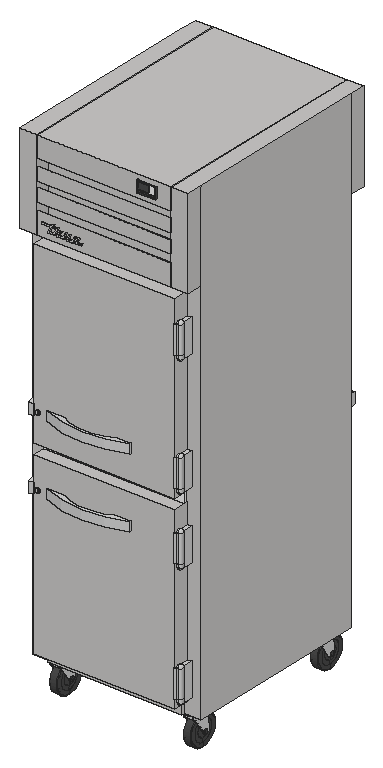
Revit family "QF_TRUE_STG1RPT-2HS-1S-HC", category Specialty Equipment, Revit 2012
Parameters
  Weight in Pounds [instance] = 0
  Watts = Volts * FL Amps  # 437 W
  Volts = 115 V
  URL Manufacturer = "www.truemfg.com"
  URL Cutsheet = "www.truemfg.com"
  URL = "www.truemfg.com"
  Type Comments = "www.truemfg.com"
  Status [instance] = ""
  Specification by User [instance] = ""
  Specification by Manufacturer = ""
  Show Seismic Flanged [instance] = no
  Show Logo [instance] = yes
  Show Legs [instance] = no
  Show Clearance [instance] = yes
  Serial Number = ""
  Seismic Rating = ""
  Seismic Plate [instance] = and(Show Seismic Flanged, not(Show Casters))  # no
  SMACNA No = ""
  Revision Code [instance] = ""
  Phase = 1
  Omniclass Number and Title = ""
  Number of Poles [instance] = 1
  NAFEM Spec ID Number = ""
  Model = "STG1RPT-2HS-1S-HC"
  Min Ckt Ampacity = 0 A
  Max Overcurrent Protection = 0 A
  Masterspec = ""
  Manufacturer = "TRUE FOOD SERVICE EQUIPMENT, INC."
  Length = 27 1/2"
  Legs [instance] = or(Show Legs, Show Seismic Flanged)  # no
  Item Number [instance] = ""
  Installed By [instance] = ""
  Identify Quantity as Lot [instance] = yes
  Height = 77 3/4"
  HP = "1/4"
  Furnished By [instance] = ""
  Foodservice Equipment Identifier [instance] = yes
  FL Amps = 3.8 A
  Electrical Remarks [instance] = ""
  Electric Connection Type [instance] = ""
  Elec Conn RI Height [instance] = 0"
  Elec Conn Connection Height [instance] = 0"
  Description = "PASS-THRU SOLID HALF FRONT/SOLID REAR SWING DOORS REFRIGERATOR WITH HYDROCARBON REFRIGERANT WITH LED LIGHTING"
  Depth = 36 1/8"
  Cycle = 60 Hz
  Conn Plug = "5-15P"
  Conn Conduit = yes
  Show Casters [instance] = if(not(Show Legs), not(Show Seismic Flanged), not(Show Legs))  # yes
  CSI MasterFormat = ""
  CSI Master Format = ""
  Apparent Power = if(Phase = 3, Volts * FL Amps * 1.73, Volts * FL Amps)  # 437 VA
Reference planes (in)
  plane 1: z = 0
  plane 2 "LEFT": x = 0
  plane 3 "RIGHT": x = 27.5
  plane 4 "FRONT": y = -33.375
  plane 5 "TOP": z = 84.125
  plane 6: z = 6.125
  plane 7: y = -33.3292
  plane 8: y = 2.75
  plane 9: y = -56.40625
  plane 10: y = 25.78125
Forms (in)
  Extrusion 1, solid, material "QF_Finishes_Stainless Steel"
    sketch origin (0.05, 0, 0) x (1, 0, 0) y (0, 1, 0)
      loop
        line (-0.05, 0) -> (-0.05, -30.625) -> (2.80938, -30.625) -> (2.80938, 0) -> (-0.05, 0)
    from 6.125 to 84.125
  Extrusion 2, solid, material "QF_Finishes_Stainless Steel"
    sketch origin (50.15, 0, 0) x (1, 0, 0) y (0, 1, 0)
      loop
        line (-25.50937, 0) -> (-25.50937, -30.625) -> (-22.65, -30.625) -> (-22.65, 0) -> (-25.50937, 0)
    from 6.125 to 84.125
  Extrusion 3, solid, material "QF_Finishes_Stainless Steel"
    sketch origin (0, 0, 0) x (0, 1, 0) y (0, 0, 1)
      loop
        line (-33.1875, 69.5) -> (-30.625, 69.5) -> (-30.625, 64.75) -> (0, 64.75) -> (0, 69.5) -> (2.5625, 69.5) -> (2.5625, 73.02638) -> (0.59159, 71.625) -> (0.59159, 72.90057) -> (2.5625, 74.30195) -> (2.5625, 76.39816) -> (0.59159, 74.99678) -> (0.59159, 75.95754) -> (2.5625, 77.35892) -> (2.5625, 79.49263) -> (0.59159, 78.09125) -> (0.59159, 79.21352) -> (2.5625, 80.6149) -> (2.5625, 84.125) -> (-33.1875, 84.125) -> (-33.1875, 80.68002) -> (-31.125, 79.21352) -> (-31.125, 78.09125) -> (-33.1875, 79.55776) -> (-33.1875, 77.42405) -> (-31.125, 75.95754) -> (-31.125, 74.99678) -> (-33.1875, 76.46328) -> (-33.1875, 74.36708) -> (-31.125, 72.90057) -> (-31.125, 71.625) -> (-33.1875, 73.09151) -> (-33.1875, 69.5)
      loop
        line (-31, 6.125) -> (0, 6.125) -> (0, 8.94743) -> (-31, 8.94743) -> (-31, 6.125)
    from 2.85938 to 24.64063
  Extrusion 4, solid, material "QF_Finishes_Stainless Steel"
    sketch origin (0.10531, 0, 0) x (1, 0, 0) y (0, 1, 0)
      loop
        line (27.34782, -30.625) -> (24.53532, -30.625) -> (24.53532, -33.1875) -> (27.34782, -33.1875) -> (27.34782, -30.625)
    from 69.5 to 84.125
  Extrusion 5, solid, material "QF_Finishes_Stainless Steel"
    sketch origin (-50.19421, 0, 0.25) x (1, 0, 0) y (0, 1, 0)
      loop
        line (53.05359, -30.625) -> (50.24109, -30.625) -> (50.24109, -33.1875) -> (53.05359, -33.1875) -> (53.05359, -30.625)
    from 69.25 to 83.875
  Extrusion 6, solid, material "QF_Finishes_Handrails and Railings", visible <- "Show Logo"
    sketch origin (0.33478, 1.45673, -6.73143) x (1, 0, 0) y (0, 0, 1)
      loop
        line (3.46044, 78.46231) -> (3.35478, 78.23573) -> (4.76027, 78.23573)
        arc (4.76027, 78.23573) -> (4.78879, 78.18528) -> (4.76027, 78.13484) r 0.05887
        line (4.76027, 78.13484) -> (4.39369, 77.34872)
        arc (4.39369, 77.34872) -> (4.39051, 77.27591) -> (4.43975, 77.22217) r 0.09523
        line (4.43975, 77.22217) -> (5.33844, 77.22217)
        arc (5.33844, 77.22217) -> (5.45192, 77.25795) -> (5.52436, 77.35235) r 0.19785
        line (5.52436, 77.35235) -> (5.81285, 77.97101) -> (6.0779, 77.97101)
        arc (6.0779, 77.97101) -> (6.14744, 77.94543) -> (6.13737, 77.87203) r 0.05911
        line (6.13737, 77.87203) -> (5.89598, 77.35437)
        arc (5.89598, 77.35437) -> (5.89974, 77.2684) -> (5.97231, 77.22217) r 0.09318
        line (5.97231, 77.22217) -> (6.76198, 77.22217)
        arc (6.76198, 77.22217) -> (6.82249, 77.24419) -> (6.85468, 77.29995) r 0.09412
        arc (6.85468, 77.29995) -> (6.87746, 77.24495) -> (6.93246, 77.22217) r 0.07778
        line (6.93246, 77.22217) -> (7.43246, 77.22217)
        arc (7.43246, 77.22217) -> (7.49022, 77.23765) -> (7.53251, 77.27993) r 0.11552
        arc (7.53251, 77.27993) -> (7.55275, 77.23106) -> (7.60162, 77.21081) r 0.06912
        line (7.60162, 77.21081) -> (8.31225, 77.21081)
        arc (8.31225, 77.21081) -> (8.37034, 77.23488) -> (8.39441, 77.29297) r 0.08216
        arc (8.39441, 77.29297) -> (8.44767, 77.23972) -> (8.52042, 77.22022) r 0.14551
        line (8.52042, 77.22022) -> (9.85158, 77.22022) -> (9.99946, 77.47634) -> (8.65678, 77.47634)
        arc (8.65678, 77.47634) -> (8.61972, 77.50204) -> (8.61834, 77.54711) r 0.05009
        line (8.61834, 77.54711) -> (8.64157, 77.59692)
        arc (8.64157, 77.59692) -> (8.67723, 77.64364) -> (8.73327, 77.66135) r 0.09747
        line (8.73327, 77.66135) -> (9.16485, 77.66135)
        arc (9.16485, 77.66135) -> (9.258, 77.68631) -> (9.32619, 77.7545) r 0.1863
        line (9.32619, 77.7545) -> (9.45119, 77.97101)
        arc (9.45119, 77.97101) -> (9.45119, 78.08657) -> (9.35111, 78.14434) r 0.11556
        line (9.35111, 78.14434) -> (8.89562, 78.14434)
        arc (8.89562, 78.14434) -> (8.7795, 78.12462) -> (8.69849, 78.03912) r 0.18605
        line (8.69849, 78.03912) -> (8.48204, 77.57493)
        arc (8.48204, 77.57493) -> (8.41815, 77.49167) -> (8.31806, 77.46011) r 0.1745
        line (8.31806, 77.46011) -> (7.84559, 77.46011)
        arc (7.84559, 77.46011) -> (7.78903, 77.52184) -> (7.79268, 77.60548) r 0.10939
        line (7.79268, 77.60548) -> (8.04395, 78.14434) -> (7.88403, 78.14434) -> (7.61781, 77.57344)
        arc (7.61781, 77.57344) -> (7.56609, 77.50603) -> (7.48505, 77.48048) r 0.14128
        line (7.48505, 77.48048) -> (7.15925, 77.48048)
        arc (7.15925, 77.48048) -> (7.10419, 77.55223) -> (7.116, 77.64189) r 0.11816
        line (7.116, 77.64189) -> (7.3503, 78.14434) -> (7.18514, 78.14434) -> (6.91546, 77.566)
        arc (6.91546, 77.566) -> (6.85285, 77.50339) -> (6.76733, 77.48048) r 0.17104
        line (6.76733, 77.48048) -> (6.29555, 77.48048)
        arc (6.29555, 77.48048) -> (6.21082, 77.51999) -> (6.20267, 77.61313) r 0.0935
        line (6.20267, 77.61313) -> (6.35774, 77.94569) -> (6.57695, 77.94569)
        arc (6.57695, 77.94569) -> (6.61395, 78.05717) -> (6.69267, 78.14434) r 0.2857
        line (6.69267, 78.14434) -> (5.83605, 78.14434)
        arc (5.83605, 78.14434) -> (5.74086, 78.12324) -> (5.67498, 78.05135) r 0.16212
        line (5.67498, 78.05135) -> (5.44279, 77.55341)
        arc (5.44279, 77.55341) -> (5.3894, 77.50002) -> (5.31647, 77.48048) r 0.14586
        line (5.31647, 77.48048) -> (4.80506, 77.48048)
        arc (4.80506, 77.48048) -> (4.76514, 77.53442) -> (4.77274, 77.60109) r 0.09155
        line (4.77274, 77.60109) -> (5.11018, 78.23573) -> (5.96155, 78.23573) -> (6.06721, 78.46231) -> (5.21584, 78.46231) -> (5.32149, 78.68888) -> (5.01862, 78.68888) -> (4.91297, 78.46231) -> (3.46044, 78.46231)
      loop
        arc (8.83805, 77.93863) -> (8.80119, 77.92875) -> (8.7742, 77.90176) r 0.07373
        line (8.7742, 77.90176) -> (8.75229, 77.83436)
        arc (8.75229, 77.83436) -> (8.76245, 77.80983) -> (8.78699, 77.79966) r 0.0347
        line (8.78699, 77.79966) -> (9.15948, 77.79966)
        arc (9.15948, 77.79966) -> (9.18632, 77.80561) -> (9.20812, 77.82234) r 0.0635
        line (9.20812, 77.82234) -> (9.22624, 77.90622)
        arc (9.22624, 77.90622) -> (9.22091, 77.92868) -> (9.20009, 77.93863) r 0.02676
        line (9.20009, 77.93863) -> (8.83805, 77.93863)
    from 34.64423 to 34.83173
  Extrusion 7, solid
    sketch origin (-25.125, 2.6875, 0) x (1, 0, 0) y (0, 0, 1)
      loop
        circle (49.375, 82) r 0.25
    from 0.23221 to 0.125
  Revolve 8, solid, material "QF_Finishes_Black", visible <- "Show Casters"
    sketch origin (22.65625, -27.375, 0) x (1, 0, 0) y (0, 0, 1)
      loop
        line (1.475, 5) -> (1.375, 4.9) -> (1.375, 4.29941) -> (1.53601, 4.29941) -> (1.53601, 3.54941) -> (1.375, 3.54941) -> (1.375, 2.79941) -> (0.975, 2.79941) -> (0.975, 2.5) -> (3.025, 2.5) -> (3.025, 2.79941) -> (2.62908, 2.79941) -> (2.62908, 3.54941) -> (2.46399, 3.54941) -> (2.46399, 4.29941) -> (2.62908, 4.29941) -> (2.62908, 4.89592) -> (2.525, 5) -> (1.475, 5)
      axis (3.025, 2.5) -> (0.975, 2.5)
    angle from 0 to 360
  Extrusion 9, solid, material "QF_Finishes_Handrails and Railings", visible <- "Show Casters"
    sketch origin (22.65625, 0, 0) x (0, 1, 0) y (0, 0, 1)
      loop
        line (-29.57636, 5.48574) -> (-29.57636, 4.88089) -> (-29.32636, 4.88089) -> (-27.57716, 2.18736)
        arc (-27.57716, 2.18736) -> (-26.86383, 1.94868) -> (-26.47081, 2.59003) r 0.60416
        line (-26.47081, 2.59003) -> (-26.82636, 5.48574) -> (-29.57636, 5.48574)
      loop
        line (-4.07645, 5.48574) -> (-4.07645, 4.88089) -> (-3.82645, 4.88089) -> (-2.07725, 2.18736)
        arc (-2.07725, 2.18736) -> (-1.36392, 1.94868) -> (-0.9709, 2.59003) r 0.60416
        line (-0.9709, 2.59003) -> (-1.32645, 5.48574) -> (-4.07645, 5.48574)
    from 1.175 to 1.325
  Extrusion 10, solid, material "QF_Finishes_Handrails and Railings", visible <- "Show Casters"
    sketch origin (24.15625, 0, 0) x (0, 1, 0) y (0, 0, 1)
      loop
        line (-29.57636, 5.48574) -> (-29.57636, 4.88089) -> (-29.32636, 4.88089) -> (-27.57716, 2.18736)
        arc (-27.57716, 2.18736) -> (-26.86383, 1.94868) -> (-26.47081, 2.59003) r 0.60416
        line (-26.47081, 2.59003) -> (-26.82636, 5.48574) -> (-29.57636, 5.48574)
      loop
        line (-4.07645, 5.48574) -> (-4.07645, 4.88089) -> (-3.82645, 4.88089) -> (-2.07725, 2.18736)
        arc (-2.07725, 2.18736) -> (-1.36392, 1.94868) -> (-0.9709, 2.59003) r 0.60416
        line (-0.9709, 2.59003) -> (-1.32645, 5.48574) -> (-4.07645, 5.48574)
    from 1.175 to 1.325
  Revolve 11, solid, material "QF_Finishes_Chrome - Satin", visible <- "Show Casters"
    sketch origin (22.65625, -28.5625, -0.5) x (1, 0, 0) y (0, 0, 1)
      loop
        line (2, 5.99546) -> (2, 6.62359) -> (0.70293, 6.62359) -> (0.70293, 5.99546) -> (2, 5.99546)
      axis (2, 5.99546) -> (2, 6.62359)
    angle from 0 to 360
  Revolve 12, solid, material "QF_Finishes_Chrome - Satin", visible <- "Legs"
    sketch origin (22.65625, -2.69102, 0) x (1, 0, 0) y (0, 0, 1)
      loop
        line (2, 6.125) -> (0.66662, 6.125) -> (1.25, 1) -> (1.5, 1) -> (1.5, 0) -> (2, 0) -> (2, 6.125)
      axis (2, 0) -> (2, 6.125)
    angle from 0 to 360
  Revolve 13, solid, material "QF_Finishes_Chrome - Satin", visible <- "Legs"
    sketch origin (22.65625, -28.65977, 0) x (1, 0, 0) y (0, 0, 1)
      loop
        line (2, 6.125) -> (0.66662, 6.125) -> (1.25, 1) -> (1.5, 1) -> (1.5, 0) -> (2, 0) -> (2, 6.125)
      axis (2, 0) -> (2, 6.125)
    angle from 0 to 360
  Revolve 14, solid, material "QF_Finishes_Chrome - Satin", visible <- "Show Casters"
    sketch origin (22.65625, -2.70321, -0.5) x (1, 0, 0) y (0, 0, 1)
      loop
        line (2, 5.99546) -> (2, 6.62359) -> (0.70293, 6.62359) -> (0.70293, 5.99546) -> (2, 5.99546)
      axis (2, 5.99546) -> (2, 6.62359)
    angle from 0 to 360
  Extrusion 15, solid, material "QF_Finishes_Handrails and Railings", visible <- "Show Casters"
    sketch origin (-25.125, 0, 0) x (0, 1, 0) y (0, 0, 1)
      loop
        line (-29.57636, 5.48574) -> (-29.57636, 4.88089) -> (-29.32636, 4.88089) -> (-26.79033, 5.19227) -> (-26.82636, 5.48574) -> (-29.57636, 5.48574)
      loop
        line (-4.07645, 5.48574) -> (-4.07645, 4.88089) -> (-3.82645, 4.88089) -> (-1.29042, 5.19227) -> (-1.32645, 5.48574) -> (-4.07645, 5.48574)
    from 49.10625 to 50.45625
  Revolve 16, solid, material "QF_Finishes_Black", visible <- "Show Casters"
    sketch origin (0.84375, -27.375, 0) x (1, 0, 0) y (0, 0, 1)
      loop
        line (1.475, 5) -> (1.375, 4.9) -> (1.375, 4.29941) -> (1.53601, 4.29941) -> (1.53601, 3.54941) -> (1.375, 3.54941) -> (1.375, 2.79941) -> (0.975, 2.79941) -> (0.975, 2.5) -> (3.025, 2.5) -> (3.025, 2.79941) -> (2.62908, 2.79941) -> (2.62908, 3.54941) -> (2.46399, 3.54941) -> (2.46399, 4.29941) -> (2.62908, 4.29941) -> (2.62908, 4.89592) -> (2.525, 5) -> (1.475, 5)
      axis (3.025, 2.5) -> (0.975, 2.5)
    angle from 0 to 360
  Extrusion 17, solid, material "QF_Finishes_Handrails and Railings", visible <- "Show Casters"
    sketch origin (0.84375, 0, 0) x (0, 1, 0) y (0, 0, 1)
      loop
        line (-29.57636, 5.48574) -> (-29.57636, 4.88089) -> (-29.32636, 4.88089) -> (-27.57716, 2.18736)
        arc (-27.57716, 2.18736) -> (-26.86383, 1.94868) -> (-26.47081, 2.59003) r 0.60416
        line (-26.47081, 2.59003) -> (-26.82636, 5.48574) -> (-29.57636, 5.48574)
      loop
        line (-4.07645, 5.48574) -> (-4.07645, 4.88089) -> (-3.82645, 4.88089) -> (-2.07725, 2.18736)
        arc (-2.07725, 2.18736) -> (-1.36392, 1.94868) -> (-0.9709, 2.59003) r 0.60416
        line (-0.9709, 2.59003) -> (-1.32645, 5.48574) -> (-4.07645, 5.48574)
    from 1.175 to 1.325
  Extrusion 18, solid, material "QF_Finishes_Handrails and Railings", visible <- "Show Casters"
    sketch origin (2.34375, 0, 0) x (0, 1, 0) y (0, 0, 1)
      loop
        line (-29.57636, 5.48574) -> (-29.57636, 4.88089) -> (-29.32636, 4.88089) -> (-27.57716, 2.18736)
        arc (-27.57716, 2.18736) -> (-26.86383, 1.94868) -> (-26.47081, 2.59003) r 0.60416
        line (-26.47081, 2.59003) -> (-26.82636, 5.48574) -> (-29.57636, 5.48574)
      loop
        line (-4.07645, 5.48574) -> (-4.07645, 4.88089) -> (-3.82645, 4.88089) -> (-2.07725, 2.18736)
        arc (-2.07725, 2.18736) -> (-1.36392, 1.94868) -> (-0.9709, 2.59003) r 0.60416
        line (-0.9709, 2.59003) -> (-1.32645, 5.48574) -> (-4.07645, 5.48574)
    from 1.175 to 1.325
  Revolve 19, solid, material "QF_Finishes_Chrome - Satin", visible <- "Show Casters"
    sketch origin (0.84375, -28.5625, -0.5) x (1, 0, 0) y (0, 0, 1)
      loop
        line (2, 5.99546) -> (2, 6.62359) -> (0.70293, 6.62359) -> (0.70293, 5.99546) -> (2, 5.99546)
      axis (2, 5.99546) -> (2, 6.62359)
    angle from 0 to 360
  Revolve 20, solid, material "QF_Finishes_Chrome - Satin", visible <- "Legs"
    sketch origin (0.84375, -2.69102, 0) x (1, 0, 0) y (0, 0, 1)
      loop
        line (2, 6.125) -> (0.66662, 6.125) -> (1.25, 1) -> (1.5, 1) -> (1.5, 0) -> (2, 0) -> (2, 6.125)
      axis (2, 0) -> (2, 6.125)
    angle from 0 to 360
  Revolve 21, solid, material "QF_Finishes_Chrome - Satin", visible <- "Legs"
    sketch origin (0.84375, -28.65977, 0) x (1, 0, 0) y (0, 0, 1)
      loop
        line (2, 6.125) -> (0.66662, 6.125) -> (1.25, 1) -> (1.5, 1) -> (1.5, 0) -> (2, 0) -> (2, 6.125)
      axis (2, 0) -> (2, 6.125)
    angle from 0 to 360
  Revolve 22, solid, material "QF_Finishes_Chrome - Satin", visible <- "Show Casters"
    sketch origin (0.84375, -2.70321, -0.5) x (1, 0, 0) y (0, 0, 1)
      loop
        line (2, 5.99546) -> (2, 6.62359) -> (0.70293, 6.62359) -> (0.70293, 5.99546) -> (2, 5.99546)
      axis (2, 5.99546) -> (2, 6.62359)
    angle from 0 to 360
  Extrusion 23, solid, material "QF_Finishes_Handrails and Railings", visible <- "Show Casters"
    sketch origin (-46.9375, 0, 0) x (0, 1, 0) y (0, 0, 1)
      loop
        line (-29.57636, 5.48574) -> (-29.57636, 4.88089) -> (-29.32636, 4.88089) -> (-26.79033, 5.19227) -> (-26.82636, 5.48574) -> (-29.57636, 5.48574)
      loop
        line (-4.07645, 5.48574) -> (-4.07645, 4.88089) -> (-3.82645, 4.88089) -> (-1.29042, 5.19227) -> (-1.32645, 5.48574) -> (-4.07645, 5.48574)
    from 49.10625 to 50.45625
  Extrusion 24, solid, material "QF_Finishes_Stainless Steel"
    sketch origin (-25.125, -31.3292, -0.71875) x (1, 0, 0) y (0, 0, -1)
      loop
        line (27.40625, -68.6875) -> (50.34375, -68.6875) -> (50.34375, -8.75) -> (27.40625, -8.75) -> (27.40625, -68.6875)
    from 31.3292 to 33.8917
  Extrusion 25, solid, material "QF_Finishes_Stainless Steel"
    sketch origin (0.10531, -31.3292, 0) x (1, 0, 0) y (0, 1, 0)
      loop
        line (27.34782, 31.3292) -> (27.34782, 33.8917) -> (24.53532, 33.8917) -> (24.53532, 31.3292) -> (27.34782, 31.3292)
    from 69.5 to 84.125
  Extrusion 26, solid, material "QF_Finishes_Stainless Steel"
    sketch origin (-50.19421, -31.3292, 0.25) x (1, 0, 0) y (0, 1, 0)
      loop
        line (53.05359, 31.3292) -> (53.05359, 33.8917) -> (50.24109, 33.8917) -> (50.24109, 31.3292) -> (53.05359, 31.3292)
    from 69.25 to 83.875
  Extrusion 27, solid, material "QF_Finishes_Handrails and Railings"
    sketch origin (1.28125, -31.48479, 0) x (0, -1, 0) y (0, 0, -1)
      loop
        line (-31.48479, -64.55229) -> (-31.48479, -59.23627) -> (-33.625, -59.23627) -> (-33.625, -59.94848) -> (-33.18997, -59.94848) -> (-33.18997, -64.34776)
        arc (-33.18997, -64.34776) -> (-33.13006, -64.49238) -> (-32.98544, -64.55229) r 0.20453
        line (-32.98544, -64.55229) -> (-31.48479, -64.55229)
    from 0.17506 to 1
  Revolve 28, solid, material "QF_Finishes_Handrails and Railings"
    sketch origin (1.78125, -31.48479, 0) x (0, -1, 0) y (0, 0, -1)
      loop
        line (-33.64063, -60.00189) -> (-34.04729, -60.00189) -> (-34.04729, -64.4736)
        arc (-34.04729, -64.4736) -> (-33.91222, -64.72557) -> (-33.64063, -64.81483) r 0.3848
        line (-33.64063, -64.81483) -> (-33.64063, -60.00189)
      loop
        line (-33.64063, -59.94848) -> (-33.64063, -59.04781)
        arc (-33.64063, -59.04781) -> (-33.90764, -59.13383) -> (-34.04729, -59.37712) r 0.38884
        line (-34.04729, -59.37712) -> (-34.04729, -59.94848) -> (-33.64063, -59.94848)
      axis (-33.64063, -59.04781) -> (-33.64063, -64.81483)
    angle from 0 to 360
  Extrusion 29, solid, material "QF_Finishes_Handrails and Railings"
    sketch origin (-0.03125, -31.48479, 0) x (1, 0, 0) y (0, 0, -1)
      loop
        line (1.91491, -64.4736) -> (2.3125, -64.4736) -> (2.3125, -60.00079) -> (1.91491, -60.00079) -> (1.91491, -64.4736)
    from 33.18997 to 33.98479
  Extrusion 30, solid, material "QF_Finishes_Handrails and Railings"
    sketch origin (1.28125, -31.48479, -19.5) x (0, -1, 0) y (0, 0, -1)
      loop
        line (-31.48479, -64.55229) -> (-31.48479, -59.23627) -> (-33.625, -59.23627) -> (-33.625, -59.94848) -> (-33.18997, -59.94848) -> (-33.18997, -64.34776)
        arc (-33.18997, -64.34776) -> (-33.13006, -64.49238) -> (-32.98544, -64.55229) r 0.20453
        line (-32.98544, -64.55229) -> (-31.48479, -64.55229)
    from 0.17506 to 1
  Revolve 31, solid, material "QF_Finishes_Handrails and Railings"
    sketch origin (1.78125, -31.48479, -19.5) x (0, -1, 0) y (0, 0, -1)
      loop
        line (-33.64063, -60.00189) -> (-34.04729, -60.00189) -> (-34.04729, -64.4736)
        arc (-34.04729, -64.4736) -> (-33.91222, -64.72557) -> (-33.64063, -64.81483) r 0.3848
        line (-33.64063, -64.81483) -> (-33.64063, -60.00189)
      loop
        line (-33.64063, -59.94848) -> (-33.64063, -59.04781)
        arc (-33.64063, -59.04781) -> (-33.90764, -59.13383) -> (-34.04729, -59.37712) r 0.38884
        line (-34.04729, -59.37712) -> (-34.04729, -59.94848) -> (-33.64063, -59.94848)
      axis (-33.64063, -59.04781) -> (-33.64063, -64.81483)
    angle from 0 to 360
  Extrusion 32, solid, material "QF_Finishes_Handrails and Railings"
    sketch origin (-0.03125, -31.48479, -19.5) x (1, 0, 0) y (0, 0, -1)
      loop
        line (1.91491, -64.4736) -> (2.3125, -64.4736) -> (2.3125, -60.00079) -> (1.91491, -60.00079) -> (1.91491, -64.4736)
    from 33.18997 to 33.98479
  Extrusion 33, solid, material "QF_Finishes_Handrails and Railings"
    sketch origin (1.28125, -31.48479, -30.5) x (0, -1, 0) y (0, 0, -1)
      loop
        line (-31.48479, -64.55229) -> (-31.48479, -59.23627) -> (-33.625, -59.23627) -> (-33.625, -59.94848) -> (-33.18997, -59.94848) -> (-33.18997, -64.34776)
        arc (-33.18997, -64.34776) -> (-33.13006, -64.49238) -> (-32.98544, -64.55229) r 0.20453
        line (-32.98544, -64.55229) -> (-31.48479, -64.55229)
    from 0.17506 to 1
  Revolve 34, solid, material "QF_Finishes_Handrails and Railings"
    sketch origin (1.78125, -31.48479, -30.5) x (0, -1, 0) y (0, 0, -1)
      loop
        line (-33.64063, -60.00189) -> (-34.04729, -60.00189) -> (-34.04729, -64.4736)
        arc (-34.04729, -64.4736) -> (-33.91222, -64.72557) -> (-33.64063, -64.81483) r 0.3848
        line (-33.64063, -64.81483) -> (-33.64063, -60.00189)
      loop
        line (-33.64063, -59.94848) -> (-33.64063, -59.04781)
        arc (-33.64063, -59.04781) -> (-33.90764, -59.13383) -> (-34.04729, -59.37712) r 0.38884
        line (-34.04729, -59.37712) -> (-34.04729, -59.94848) -> (-33.64063, -59.94848)
      axis (-33.64063, -59.04781) -> (-33.64063, -64.81483)
    angle from 0 to 360
  Extrusion 35, solid, material "QF_Finishes_Handrails and Railings"
    sketch origin (-0.03125, -31.48479, -30.5) x (1, 0, 0) y (0, 0, -1)
      loop
        line (1.91491, -64.4736) -> (2.3125, -64.4736) -> (2.3125, -60.00079) -> (1.91491, -60.00079) -> (1.91491, -64.4736)
    from 33.18997 to 33.98479
  Extrusion 36, solid, material "QF_Finishes_Handrails and Railings"
    sketch origin (1.28125, -31.48479, -50.25) x (0, -1, 0) y (0, 0, -1)
      loop
        line (-31.48479, -64.55229) -> (-31.48479, -59.19743) -> (-33.625, -59.19743) -> (-33.625, -59.94848) -> (-33.18997, -59.94848) -> (-33.18997, -64.34776)
        arc (-33.18997, -64.34776) -> (-33.13006, -64.49238) -> (-32.98544, -64.55229) r 0.20453
        line (-32.98544, -64.55229) -> (-31.48479, -64.55229)
    from 0.17506 to 1
  Revolve 37, solid, material "QF_Finishes_Handrails and Railings"
    sketch origin (1.78125, -31.48479, -50.25) x (0, -1, 0) y (0, 0, -1)
      loop
        line (-33.64063, -60.00189) -> (-34.04729, -60.00189) -> (-34.04729, -64.4736)
        arc (-34.04729, -64.4736) -> (-33.91222, -64.72557) -> (-33.64063, -64.81483) r 0.3848
        line (-33.64063, -64.81483) -> (-33.64063, -60.00189)
      loop
        line (-33.64063, -59.94848) -> (-33.64063, -59.04781)
        arc (-33.64063, -59.04781) -> (-33.90764, -59.13383) -> (-34.04729, -59.37712) r 0.38884
        line (-34.04729, -59.37712) -> (-34.04729, -59.94848) -> (-33.64063, -59.94848)
      axis (-33.64063, -59.04781) -> (-33.64063, -64.81483)
    angle from 0 to 360
  Extrusion 38, solid, material "QF_Finishes_Handrails and Railings"
    sketch origin (-0.03125, -31.48479, -50.25) x (1, 0, 0) y (0, 0, -1)
      loop
        line (1.91491, -64.4736) -> (2.3125, -64.4736) -> (2.3125, -60.00079) -> (1.91491, -60.00079) -> (1.91491, -64.4736)
    from 33.18997 to 33.98479
  Extrusion 39, solid, material "QF_Finishes_Handrails and Railings"
    sketch origin (-31.15, -31.30033, 26.37017) x (-1, 0, 0) y (0, -1, 0)
      loop
        line (-54.15, -33.86283) -> (-54.15, -34.075)
        arc (-54.15, -34.075) -> (-47.2125, -35.51908) -> (-40.275, -34.075) r 17.38623
        line (-40.275, -34.075) -> (-40.275, -33.86283) -> (-42.6535, -33.86283)
        arc (-42.6535, -33.86283) -> (-47.2125, -35.06679) -> (-51.7715, -33.86283) r 9.2337
        line (-51.7715, -33.86283) -> (-54.15, -33.86283)
    from 10.87731 to 12.37731
  Extrusion 40, solid, material "QF_Finishes_Handrails and Railings"
    sketch origin (50.84375, -31.48479, -2.0625) x (-1, 0, 0) y (0, 0, 1)
      loop
        circle (26.4375, 40.0625) r 0.35
      loop
        line (26.47265, 40.33635) -> (26.41715, 40.33635) -> (26.41715, 39.76895) -> (26.47265, 39.76895) -> (26.47265, 40.33635)
    from 34.04729 to 34.10979
  Blend 41, solid, material "QF_Finishes_Handrails and Railings"
    base sketch origin (-0.03125, -31.48479, -0.0625) x (1, 0, 0) y (0, 0, -1)
      loop
        line (25.25, -38.99169) -> (26, -38.99169) -> (26, -37.24169) -> (25.25, -37.24169) -> (25.25, -38.99169)
    top sketch origin (-0.03125, -31.48479, -0.0625) x (1, 0, 0) y (0, 0, -1)
      loop
        line (26.18223, -36.6441) -> (25.25, -36.6441) -> (25.25, -39.42643) -> (26.18223, -39.42643) -> (26.18223, -36.6441)
    from 34.04729 to 31.48479
  Extrusion 42, solid, material "QF_Finishes_Stainless Steel"
    sketch origin (-25.125, 0.375, -0.8125) x (1, 0, 0) y (0, 0, 1)
      loop
        line (27.40625, 68.78125) -> (27.40625, 39.65625) -> (50.34375, 39.65625) -> (50.34375, 68.78125) -> (27.40625, 68.78125)
      loop
        line (27.40625, 8.84375) -> (50.34375, 8.84375) -> (50.34375, 37.96875) -> (27.40625, 37.96875) -> (27.40625, 8.84375)
    from 31 to 33.5625
  Extrusion 43, solid, material "QF_Finishes_Handrails and Railings"
    sketch origin (26.21875, 0.10979, -0.09375) x (0, 1, 0) y (0, 0, -1)
      loop
        line (-30.73479, -64.55229) -> (-30.73479, -59.23627) -> (-32.875, -59.23627) -> (-32.875, -59.94848) -> (-32.43997, -59.94848) -> (-32.43997, -64.34776)
        arc (-32.43997, -64.34776) -> (-32.38006, -64.49238) -> (-32.23544, -64.55229) r 0.20453
        line (-32.23544, -64.55229) -> (-30.73479, -64.55229)
    from 0.17506 to 1
  Revolve 44, solid, material "QF_Finishes_Handrails and Railings"
    sketch origin (25.71875, 0.29729, -0.09375) x (0, 1, 0) y (0, 0, -1)
      loop
        line (-32.89063, -60.00189) -> (-33.29729, -60.00189) -> (-33.29729, -64.4736)
        arc (-33.29729, -64.4736) -> (-33.16222, -64.72557) -> (-32.89063, -64.81483) r 0.3848
        line (-32.89063, -64.81483) -> (-32.89063, -60.00189)
      loop
        line (-32.89063, -59.94848) -> (-32.89063, -59.04781)
        arc (-32.89063, -59.04781) -> (-33.15764, -59.13383) -> (-33.29729, -59.37712) r 0.38884
        line (-33.29729, -59.37712) -> (-33.29729, -59.94848) -> (-32.89063, -59.94848)
      axis (-32.89063, -59.04781) -> (-32.89063, -64.81483)
    angle from 0 to 360
  Extrusion 45, solid, material "QF_Finishes_Handrails and Railings"
    sketch origin (27.53125, 0.29729, -0.09375) x (-1, 0, 0) y (0, 0, -1)
      loop
        line (1.91491, -64.4736) -> (2.3125, -64.4736) -> (2.3125, -60.00079) -> (1.91491, -60.00079) -> (1.91491, -64.4736)
    from 32.81497 to 33.59495
  Extrusion 46, solid, material "QF_Finishes_Handrails and Railings"
    sketch origin (26.21875, 0.10979, -19.59375) x (0, 1, 0) y (0, 0, -1)
      loop
        line (-30.73479, -64.55229) -> (-30.73479, -59.23627) -> (-32.875, -59.23627) -> (-32.875, -59.94848) -> (-32.43997, -59.94848) -> (-32.43997, -64.34776)
        arc (-32.43997, -64.34776) -> (-32.38006, -64.49238) -> (-32.23544, -64.55229) r 0.20453
        line (-32.23544, -64.55229) -> (-30.73479, -64.55229)
    from 0.17506 to 1
  Revolve 47, solid, material "QF_Finishes_Handrails and Railings"
    sketch origin (25.71875, 0.29729, -19.59375) x (0, 1, 0) y (0, 0, -1)
      loop
        line (-32.89063, -60.00189) -> (-33.29729, -60.00189) -> (-33.29729, -64.4736)
        arc (-33.29729, -64.4736) -> (-33.16222, -64.72557) -> (-32.89063, -64.81483) r 0.3848
        line (-32.89063, -64.81483) -> (-32.89063, -60.00189)
      loop
        line (-32.89063, -59.94848) -> (-32.89063, -59.04781)
        arc (-32.89063, -59.04781) -> (-33.15764, -59.13383) -> (-33.29729, -59.37712) r 0.38884
        line (-33.29729, -59.37712) -> (-33.29729, -59.94848) -> (-32.89063, -59.94848)
      axis (-32.89063, -59.04781) -> (-32.89063, -64.81483)
    angle from 0 to 360
  Extrusion 48, solid, material "QF_Finishes_Handrails and Railings"
    sketch origin (27.53125, 0.29729, -19.59375) x (-1, 0, 0) y (0, 0, -1)
      loop
        line (1.91491, -64.4736) -> (2.3125, -64.4736) -> (2.3125, -60.00079) -> (1.91491, -60.00079) -> (1.91491, -64.4736)
    from 32.81497 to 33.59495
  Extrusion 49, solid, material "QF_Finishes_Handrails and Railings"
    sketch origin (26.21875, 0.10979, -30.59375) x (0, 1, 0) y (0, 0, -1)
      loop
        line (-30.73479, -64.55229) -> (-30.73479, -59.23627) -> (-32.875, -59.23627) -> (-32.875, -59.94848) -> (-32.43997, -59.94848) -> (-32.43997, -64.34776)
        arc (-32.43997, -64.34776) -> (-32.38006, -64.49238) -> (-32.23544, -64.55229) r 0.20453
        line (-32.23544, -64.55229) -> (-30.73479, -64.55229)
    from 0.17506 to 1
  Revolve 50, solid, material "QF_Finishes_Handrails and Railings"
    sketch origin (25.71875, 0.29729, -30.59375) x (0, 1, 0) y (0, 0, -1)
      loop
        line (-32.89063, -60.00189) -> (-33.29729, -60.00189) -> (-33.29729, -64.4736)
        arc (-33.29729, -64.4736) -> (-33.16222, -64.72557) -> (-32.89063, -64.81483) r 0.3848
        line (-32.89063, -64.81483) -> (-32.89063, -60.00189)
      loop
        line (-32.89063, -59.94848) -> (-32.89063, -59.04781)
        arc (-32.89063, -59.04781) -> (-33.15764, -59.13383) -> (-33.29729, -59.37712) r 0.38884
        line (-33.29729, -59.37712) -> (-33.29729, -59.94848) -> (-32.89063, -59.94848)
      axis (-32.89063, -59.04781) -> (-32.89063, -64.81483)
    angle from 0 to 360
  Extrusion 51, solid, material "QF_Finishes_Handrails and Railings"
    sketch origin (27.53125, 0.29729, -30.59375) x (-1, 0, 0) y (0, 0, -1)
      loop
        line (1.91491, -64.4736) -> (2.3125, -64.4736) -> (2.3125, -60.00079) -> (1.91491, -60.00079) -> (1.91491, -64.4736)
    from 32.81497 to 33.59495
  Extrusion 52, solid, material "QF_Finishes_Handrails and Railings"
    sketch origin (26.21875, 0.10979, -50.34375) x (0, 1, 0) y (0, 0, -1)
      loop
        line (-30.73479, -64.55229) -> (-30.73479, -59.23627) -> (-32.875, -59.23627) -> (-32.875, -59.94848) -> (-32.43997, -59.94848) -> (-32.43997, -64.34776)
        arc (-32.43997, -64.34776) -> (-32.38006, -64.49238) -> (-32.23544, -64.55229) r 0.20453
        line (-32.23544, -64.55229) -> (-30.73479, -64.55229)
    from 0.17506 to 1
  Revolve 53, solid, material "QF_Finishes_Handrails and Railings"
    sketch origin (25.71875, 0.29729, -50.34375) x (0, 1, 0) y (0, 0, -1)
      loop
        line (-32.89063, -60.00189) -> (-33.29729, -60.00189) -> (-33.29729, -64.4736)
        arc (-33.29729, -64.4736) -> (-33.16222, -64.72557) -> (-32.89063, -64.81483) r 0.3848
        line (-32.89063, -64.81483) -> (-32.89063, -60.00189)
      loop
        line (-32.89063, -59.94848) -> (-32.89063, -59.04781)
        arc (-32.89063, -59.04781) -> (-33.15764, -59.13383) -> (-33.29729, -59.37712) r 0.38884
        line (-33.29729, -59.37712) -> (-33.29729, -59.94848) -> (-32.89063, -59.94848)
      axis (-32.89063, -59.04781) -> (-32.89063, -64.81483)
    angle from 0 to 360
  Extrusion 54, solid, material "QF_Finishes_Handrails and Railings"
    sketch origin (27.53125, 0.29729, -50.34375) x (-1, 0, 0) y (0, 0, -1)
      loop
        line (1.91491, -64.4736) -> (2.3125, -64.4736) -> (2.3125, -60.00079) -> (1.91491, -60.00079) -> (1.91491, -64.4736)
    from 32.81497 to 33.59495
  Extrusion 55, solid, material "QF_Finishes_Handrails and Railings"
    sketch origin (-23.34375, 0.29729, 72.375) x (1, 0, 0) y (0, 0, 1)
      loop
        circle (26.4375, -40.0625) r 0.35
      loop
        line (26.47265, -40.33635) -> (26.47265, -39.76895) -> (26.41715, -39.76895) -> (26.41715, -40.33635) -> (26.47265, -40.33635)
    from 33.67229 to 33.73479
  Blend 56, solid, material "QF_Finishes_Handrails and Railings"
    base sketch origin (27.53125, 0.48479, 70.375) x (-1, 0, 0) y (0, 0, -1)
      loop
        line (25.25, 38.99169) -> (25.25, 37.24169) -> (26, 37.24169) -> (26, 38.99169) -> (25.25, 38.99169)
    top sketch origin (27.53125, 0.48479, 70.375) x (-1, 0, 0) y (0, 0, -1)
      loop
        line (26.18223, 36.6441) -> (26.18223, 39.42643) -> (25.25, 39.42643) -> (25.25, 36.6441) -> (26.18223, 36.6441)
    from 33.67229 to 31.10979
  Extrusion 57, solid, material "QF_Finishes_Handrails and Railings"
    sketch origin (58.4375, -0.0747, 20.68519) x (1, 0, 0) y (0, 1, 0)
      loop
        line (-53.875, -33.1128) -> (-53.875, -33.325)
        arc (-53.875, -33.325) -> (-47.075, -34.76905) -> (-40.275, -33.325) r 16.7325
        line (-40.275, -33.325) -> (-40.275, -33.1128) -> (-42.65351, -33.1128)
        arc (-42.65351, -33.1128) -> (-47.075, -34.28316) -> (-51.49649, -33.1128) r 8.93715
        line (-51.49649, -33.1128) -> (-53.875, -33.1128)
    from 10.87731 to 12.37731
  Extrusion 58, solid, material "QF_Finishes_Chrome - Satin"
    sketch origin (0, 0.1875, -0.46875) x (1, 0, 0) y (0, 0, 1)
      loop
        line (2.28125, 39.3125) -> (2.28125, 37.625) -> (25.21875, 37.625) -> (25.21875, 39.3125) -> (2.28125, 39.3125)
    from 31 to 31.25
  Extrusion 59, solid, material "QF_Finishes_White"
    sketch origin (-23.16691, 1.43876, 1.58022) x (1, 0, 0) y (0, 0, 1)
      loop
        line (42.50482, 81.73227) -> (42.50482, 79.98496) -> (45.41107, 79.98496) -> (45.41107, 81.73227) -> (42.50482, 81.73227)
    from 34.62626 to 34.72001
  Extrusion 60, solid, material "QF_Finishes_Black"
    sketch origin (-23.16691, 1.43876, 1.58022) x (1, 0, 0) y (0, 0, 1)
      loop
        line (45.47357, 81.79477) -> (42.44232, 81.79477) -> (42.44232, 79.92246) -> (45.47357, 79.92246) -> (45.47357, 81.79477)
      loop
        spline (42.64232, 80.25372) -> (42.65083, 80.23754) -> (42.67581, 80.22247) -> (42.71554, 80.20952) -> (42.76732, 80.19959) -> (42.82761, 80.19335) -> (42.89232, 80.19122) -> (42.95702, 80.19335) -> (43.01732, 80.19959) -> (43.06909, 80.20952) -> (43.10882, 80.22247) -> (43.1338, 80.23754) -> (43.14232, 80.25372)
        spline (43.14232, 80.25372) -> (43.1338, 80.26989) -> (43.10882, 80.28497) -> (43.06909, 80.29791) -> (43.01732, 80.30784) -> (42.95702, 80.31409) -> (42.89232, 80.31622) -> (42.82761, 80.31409) -> (42.76732, 80.30784) -> (42.71554, 80.29791) -> (42.67581, 80.28497) -> (42.65083, 80.26989) -> (42.64232, 80.25372)
      loop
        spline (43.33833, 80.25372) -> (43.34685, 80.23754) -> (43.37182, 80.22247) -> (43.41155, 80.20952) -> (43.46333, 80.19959) -> (43.52362, 80.19335) -> (43.58833, 80.19122) -> (43.65303, 80.19335) -> (43.71333, 80.19959) -> (43.76511, 80.20952) -> (43.80484, 80.22247) -> (43.82981, 80.23754) -> (43.83833, 80.25372)
        spline (43.83833, 80.25372) -> (43.82981, 80.26989) -> (43.80484, 80.28497) -> (43.76511, 80.29791) -> (43.71333, 80.30784) -> (43.65303, 80.31409) -> (43.58833, 80.31622) -> (43.52362, 80.31409) -> (43.46333, 80.30784) -> (43.41155, 80.29791) -> (43.37182, 80.28497) -> (43.34685, 80.26989) -> (43.33833, 80.25372)
      loop
        spline (44.08833, 80.25372) -> (44.09685, 80.23754) -> (44.12182, 80.22247) -> (44.16155, 80.20952) -> (44.21333, 80.19959) -> (44.27362, 80.19335) -> (44.33833, 80.19122) -> (44.40303, 80.19335) -> (44.46333, 80.19959) -> (44.51511, 80.20952) -> (44.55484, 80.22247) -> (44.57981, 80.23754) -> (44.58833, 80.25372)
        spline (44.58833, 80.25372) -> (44.57981, 80.26989) -> (44.55484, 80.28497) -> (44.51511, 80.29791) -> (44.46333, 80.30784) -> (44.40303, 80.31409) -> (44.33833, 80.31622) -> (44.27362, 80.31409) -> (44.21333, 80.30784) -> (44.16155, 80.29791) -> (44.12182, 80.28497) -> (44.09685, 80.26989) -> (44.08833, 80.25372)
      loop
        line (42.64231, 81.59478) -> (42.64231, 80.59478) -> (44.34183, 80.59478) -> (44.34183, 81.59478) -> (42.64231, 81.59478)
      loop
        line (45.41107, 81.73227) -> (42.50482, 81.73227) -> (42.50482, 79.98496) -> (45.41107, 79.98496) -> (45.41107, 81.73227)
      loop
        spline (44.83833, 80.25372) -> (44.84685, 80.23754) -> (44.87182, 80.22247) -> (44.91155, 80.20952) -> (44.96333, 80.19959) -> (45.02362, 80.19335) -> (45.08833, 80.19122) -> (45.15303, 80.19335) -> (45.21333, 80.19959) -> (45.26511, 80.20952) -> (45.30484, 80.22247) -> (45.32981, 80.23754) -> (45.33833, 80.25372)
        spline (45.33833, 80.25372) -> (45.32981, 80.26989) -> (45.30484, 80.28497) -> (45.26511, 80.29791) -> (45.21333, 80.30784) -> (45.15303, 80.31409) -> (45.08833, 80.31622) -> (45.02362, 80.31409) -> (44.96333, 80.30784) -> (44.91155, 80.29791) -> (44.87182, 80.28497) -> (44.84685, 80.26989) -> (44.83833, 80.25372)
    from 34.62626 to 34.81376
  Extrusion 61, solid, material "QF_Finishes_Handrails and Railings"
    sketch origin (-23.34375, 0.29729, 3.625) x (1, 0, 0) y (0, 0, 1)
      loop
        circle (26.4375, 40.0625) r 0.35
      loop
        line (26.47265, 40.33635) -> (26.41715, 40.33635) -> (26.41715, 39.76895) -> (26.47265, 39.76895) -> (26.47265, 40.33635)
    from 33.67229 to 33.73479
  Blend 62, solid, material "QF_Finishes_Handrails and Railings"
    base sketch origin (27.53125, 0.48479, 5.625) x (-1, 0, 0) y (0, 0, -1)
      loop
        line (25.25, -38.99169) -> (26, -38.99169) -> (26, -37.24169) -> (25.25, -37.24169) -> (25.25, -38.99169)
    top sketch origin (27.53125, 0.48479, 5.625) x (-1, 0, 0) y (0, 0, -1)
      loop
        line (26.18223, -36.6441) -> (25.25, -36.6441) -> (25.25, -39.42643) -> (26.18223, -39.42643) -> (26.18223, -36.6441)
    from 33.67229 to 31.10979
  Extrusion 63, solid, material "QF_Finishes_Handrails and Railings"
    sketch origin (58.4375, -0.0747, 32.06019) x (1, 0, 0) y (0, 1, 0)
      loop
        line (-53.875, -33.1128) -> (-53.875, -33.325)
        arc (-53.875, -33.325) -> (-47.075, -34.76905) -> (-40.275, -33.325) r 16.7325
        line (-40.275, -33.325) -> (-40.275, -33.1128) -> (-42.65351, -33.1128)
        arc (-42.65351, -33.1128) -> (-47.075, -34.28316) -> (-51.49649, -33.1128) r 8.93715
        line (-51.49649, -33.1128) -> (-53.875, -33.1128)
    from 10.87731 to 12.37731
  Revolve 64, solid, material "QF_Finishes_Black", visible <- "Show Casters"
    sketch origin (22.65625, -1.50009, 0) x (1, 0, 0) y (0, 0, 1)
      loop
        line (1.475, 5) -> (1.375, 4.9) -> (1.375, 4.29941) -> (1.53601, 4.29941) -> (1.53601, 3.54941) -> (1.375, 3.54941) -> (1.375, 2.79941) -> (0.975, 2.79941) -> (0.975, 2.5) -> (3.025, 2.5) -> (3.025, 2.79941) -> (2.62908, 2.79941) -> (2.62908, 3.54941) -> (2.46399, 3.54941) -> (2.46399, 4.29941) -> (2.62908, 4.29941) -> (2.62908, 4.89592) -> (2.525, 5) -> (1.475, 5)
      axis (3.025, 2.5) -> (0.975, 2.5)
    angle from 0 to 360
  Revolve 65, solid, material "QF_Finishes_Black", visible <- "Show Casters"
    sketch origin (0.84375, -1.50009, 0) x (1, 0, 0) y (0, 0, 1)
      loop
        line (1.475, 5) -> (1.375, 4.9) -> (1.375, 4.29941) -> (1.53601, 4.29941) -> (1.53601, 3.54941) -> (1.375, 3.54941) -> (1.375, 2.79941) -> (0.975, 2.79941) -> (0.975, 2.5) -> (3.025, 2.5) -> (3.025, 2.79941) -> (2.62908, 2.79941) -> (2.62908, 3.54941) -> (2.46399, 3.54941) -> (2.46399, 4.29941) -> (2.62908, 4.29941) -> (2.62908, 4.89592) -> (2.525, 5) -> (1.475, 5)
      axis (3.025, 2.5) -> (0.975, 2.5)
    angle from 0 to 360
  Extrusion 66, solid, material "QF_Door-Drawer Clearances", visible <- "Show Clearance", detail levels coarse
    sketch origin (-24.30341, -3.4223, 0) x (-1, 0, 0) y (0, -1, 0)
      loop
        line (-49.52216, 29.7652) -> (-26.58466, 29.7652)
        arc (-26.58466, 29.7652) -> (-33.31626, 46.05434) -> (-49.52216, 52.98395) r 23.32602
        line (-49.52216, 52.98395) -> (-49.52216, 29.7652)
    from 38.84375 to 67.96875
  Extrusion 67, solid, material "QF_Door-Drawer Clearances", visible <- "Show Clearance", detail levels coarse
    sketch origin (51.80341, -27.5777, 0) x (1, 0, 0) y (0, 1, 0)
      loop
        line (-49.52216, 30.1402) -> (-26.58466, 30.1402)
        arc (-26.58466, 30.1402) -> (-33.31626, 46.42934) -> (-49.52216, 53.35895) r 23.32602
        line (-49.52216, 53.35895) -> (-49.52216, 30.1402)
    from 8.03125 to 67.96875
  Extrusion 68, solid, material "QF_Door-Drawer Clearances", visible <- "Show Clearance", detail levels coarse
    sketch origin (-24.30341, -3.4223, -30.8125) x (-1, 0, 0) y (0, -1, 0)
      loop
        line (-49.52216, 29.7652) -> (-26.58466, 29.7652)
        arc (-26.58466, 29.7652) -> (-33.31626, 46.05434) -> (-49.52216, 52.98395) r 23.32602
        line (-49.52216, 52.98395) -> (-49.52216, 29.7652)
    from 38.84375 to 67.96875
  Extrusion 69, solid, material "QF_Finishes_Stainless Steel", visible <- "Seismic Plate"
    sketch origin (33.06916, -27.11613, 0) x (-1, 0, 0) y (0, -1, 0)
      loop
        circle (30.22541, -24.4251) r 1.5
    from 0 to 0.3125
  Extrusion 70, solid, material "QF_Finishes_Stainless Steel", visible <- "Seismic Plate"
    sketch origin (33.06916, -53.08488, 0) x (-1, 0, 0) y (0, -1, 0)
      loop
        circle (30.22541, -24.4251) r 1.5
    from 0 to 0.3125
  Extrusion 71, solid, material "QF_Finishes_Stainless Steel", visible <- "Seismic Plate"
    sketch origin (54.88166, -27.11613, 0) x (-1, 0, 0) y (0, -1, 0)
      loop
        circle (30.22541, -24.4251) r 1.5
    from 0 to 0.3125
  Extrusion 72, solid, material "QF_Finishes_Stainless Steel", visible <- "Seismic Plate"
    sketch origin (54.88166, -53.08488, 0) x (-1, 0, 0) y (0, -1, 0)
      loop
        circle (30.22541, -24.4251) r 1.5
    from 0 to 0.3125
Cuts and joins
  joined: Extrusion 1, Extrusion 2, Extrusion 4, Extrusion 5, Extrusion 25, Extrusion 26
Lines and regions (in)
  symbolic lines
    curve 1: line (0, 0, 0) -> (27.5, 0, 0)
    curve 2: line (0, -33.1875, 0) -> (0, 2.5625, 0)
    curve 3: line (27.5, -33.1875, 0) -> (0, -33.1875, 0)
    curve 4: line (27.5, 2.5625, 0) -> (27.5, -33.1875, 0)
    curve 5: line (27.5, -30.625, 0) -> (0, -30.625, 0)
    curve 22: line (0, 2.5625, 0) -> (27.5, 2.5625, 0)
    curve 23: line (3.68957, -33.1875, 0) -> (3.68957, -33.375, 0)
    curve 24: line (3.68957, -33.375, 0) -> (10.33424, -33.375, 0)
    curve 25: line (10.33424, -33.375, 0) -> (10.33424, -33.1875, 0)
    curve 26: line (19.2754, -33.1875, 0) -> (19.2754, -33.375, 0)
    curve 27: line (19.2754, -33.375, 0) -> (22.30665, -33.375, 0)
    curve 28: line (22.30665, -33.375, 0) -> (22.30665, -33.1875, 0)
    curve 29: arc (18.1625, -33.3997, 0) -> (11.33224, -34.84372, 0) -> (4.50725, -33.375, 0) r 16.7325
    curve 30: arc (15.78399, -33.1875, 0) -> (11.59664, -34.35576, 0) -> (7.36146, -33.375, 0) r 8.79189
    curve 31: line (18.1625, -33.3997, 0) -> (18.1625, -33.1875, 0)
    curve 32: line (23.81043, 2.5625, 0) -> (23.81043, 2.75, 0)
    curve 33: line (23.81043, 2.75, 0) -> (17.16576, 2.75, 0)
    curve 34: line (17.16576, 2.75, 0) -> (17.16576, 2.5625, 0)
    curve 39: arc (23.05641, 2.75, 0) -> (16.09329, 4.21872, 0) -> (9.125, 2.77467, 0) r 17.38623
    curve 40: line (9.125, 2.77467, 0) -> (9.125, 2.5625, 0)
    curve 41: arc (11.5035, 2.5625, 0) -> (15.86515, 3.76435, 0) -> (20.27417, 2.75, 0) r 9.2337
  symbolic lines, style "SpecialityEquipmentHiddenLines", visible <- "Show Casters"
    curve 6: line (3.70097, -24.2623, 0) -> (4.78688, -24.88925, 0)
    curve 7: line (1.20097, -28.59243, 0) -> (3.70097, -24.2623, 0)
    curve 8: line (2.28688, -29.21938, 0) -> (1.20097, -28.59243, 0)
    curve 9: line (4.78688, -24.88925, 0) -> (2.28688, -29.21938, 0)
    curve 10: line (3.70097, -0.2623, 0) -> (4.78688, -0.88926, 0)
    curve 11: line (1.20097, -4.59243, 0) -> (3.70097, -0.2623, 0)
    curve 12: line (2.28688, -5.21938, 0) -> (1.20097, -4.59243, 0)
    curve 13: line (4.78688, -0.88926, 0) -> (2.28688, -5.21938, 0)
    curve 14: line (24.60843, -0.2623, 0) -> (25.69435, -0.88926, 0)
    curve 15: line (22.10843, -4.59243, 0) -> (24.60843, -0.2623, 0)
    curve 16: line (23.19435, -5.21938, 0) -> (22.10843, -4.59243, 0)
    curve 17: line (25.69435, -0.88926, 0) -> (23.19435, -5.21938, 0)
    curve 18: line (24.82156, -24.48943, 0) -> (25.90747, -25.11638, 0)
    curve 19: line (22.32156, -28.81955, 0) -> (24.82156, -24.48943, 0)
    curve 20: line (23.40747, -29.44651, 0) -> (22.32156, -28.81955, 0)
    curve 21: line (25.90747, -25.11638, 0) -> (23.40747, -29.44651, 0)
  symbolic lines, style "QF_Door-Drawer Clearances"
    curve 35: line (25.21875, -33.1875, 0) -> (5.35429, -44.65625, 0)
    curve 36: arc (5.35429, -44.65625, 0) -> (3.06283, -39.12416, 0) -> (2.28125, -33.1875, 0) r 22.9375
    curve 37: line (2.28125, 2.5625, 0) -> (22.14571, 14.03125, 0)
    curve 38: arc (22.14571, 14.03125, 0) -> (24.43717, 8.49916, 0) -> (25.21875, 2.5625, 0) r 22.9375
Dimensions and locks (in)
  plane 6 to level = 6 1/8"
  plane 5 "TOP" to level = 84 1/8"
  plane 5 "TOP" to plane 6 = 78"
  "Length": plane 2 "LEFT" to plane 3 "RIGHT"
  "Depth": plane 4 "FRONT" to plane 8
  plane 3 "RIGHT" to plane 2 "LEFT" = 27 1/2"
  cut or joined group of Extrusion 1, Extrusion 2, Extrusion 4, Extrusion 5, Extrusion 25, Extrusion 26 to cut or joined group of Extrusion 1, Extrusion 2, Extrusion 4, Extrusion 5, Extrusion 25, Extrusion 26 = 2 13/16"  (x2)
  Extrusion 42 to plane 2 "LEFT" = 2 9/32"
  plane 3 "RIGHT" to Extrusion 42 = 2 9/32"
  Extrusion 42 to plane 6 = 1 29/32"
  Extrusion 3 to Extrusion 42 to Extrusion 42 to Extrusion 42 to Extrusion 42 = 1 17/32", 29 1/8", 1 11/16", 29 1/8"
  Extrusion 42 to Extrusion 42 = 22 15/16"
  cut or joined group of Extrusion 1, Extrusion 2, Extrusion 4, Extrusion 5, Extrusion 25, Extrusion 26 to cut or joined group of Extrusion 1, Extrusion 2, Extrusion 4, Extrusion 5, Extrusion 25, Extrusion 26 = 27 13/32"
  Extrusion 42 to Extrusion 57 = 4 3/32"
  Extrusion 63 to Extrusion 42 = 4 3/32"
  plane 4 "FRONT" to plane 8 = 36 1/8"  (x2)
  cut or joined group of Extrusion 1, Extrusion 2, Extrusion 4, Extrusion 5, Extrusion 25, Extrusion 26 to cut or joined group of Extrusion 1, Extrusion 2, Extrusion 4, Extrusion 5, Extrusion 25, Extrusion 26 = 30 5/8"  (x2)
  Extrusion 63 to Extrusion 59 to plane 4 "FRONT" = 3/32", 3/32"
  plane 8 to plane 4 "FRONT" = 36 1/8"
  plane 9 to plane 4 "FRONT" = 23 1/32"
  plane 10 to plane 9 = 82 3/16"
  aligned and locked: level to plane 1
  aligned and locked: Extrusion 3 to cut or joined group of Extrusion 1, Extrusion 2, Extrusion 4, Extrusion 5, Extrusion 25, Extrusion 26
Automatic sketch dimensions
  Extrusion 1 sketch curve to plane 2 "LEFT" = 0"
  Extrusion 3 sketch curve to plane 5 "TOP" = 0"
  Extrusion 3 sketch curve to Extrusion 3 sketch curve = 3.44498"
  Extrusion 3 sketch curve to Extrusion 3 sketch curve = 3.5101"
  Extrusion 3 sketch curve to Extrusion 3 sketch curve = 1.12227"  (x4)
  Extrusion 3 sketch curve to Extrusion 3 sketch curve = 0.27911"
  Extrusion 3 sketch curve to Extrusion 3 sketch curve = 0.34424"
  Extrusion 3 sketch curve to Extrusion 3 sketch curve = 2.13371"
  Extrusion 3 sketch curve to Extrusion 3 sketch curve = 0.73233"
  Extrusion 3 sketch curve to Extrusion 3 sketch curve = 0.96076"  (x4)
  Extrusion 3 sketch curve to Extrusion 3 sketch curve = 0.50575"
  Extrusion 3 sketch curve to Extrusion 3 sketch curve = 0.44062"
  Extrusion 3 sketch curve to Extrusion 3 sketch curve = 2.0962"
  Extrusion 3 sketch curve to Extrusion 3 sketch curve = 0.69482"
  Extrusion 3 sketch curve to Extrusion 3 sketch curve = 1.27557"  (x4)
  Extrusion 3 sketch curve to Extrusion 3 sketch curve = 0.12581"
  Extrusion 3 sketch curve to Extrusion 3 sketch curve = 0.19093"
  Extrusion 3 sketch curve to Extrusion 3 sketch curve = 2 1/8"  (x2)
  Extrusion 3 sketch curve to Extrusion 3 sketch curve = 4 3/4"
  plane 6 to Extrusion 3 sketch curve = 2.82243"
  Extrusion 3 sketch curve to plane 6 = 0"
  plane 2 "LEFT" to Extrusion 5 sketch curve = 3/64"
  Extrusion 6 sketch curve to Extrusion 6 sketch curve = 0.10565"  (x5)
  Extrusion 6 sketch curve to Extrusion 6 sketch curve = 1.03891"
  Extrusion 6 sketch curve to Extrusion 6 sketch curve = 0.04606"
  Extrusion 6 sketch curve to Extrusion 6 sketch curve = 0.04025"
  Extrusion 6 sketch curve to Extrusion 6 sketch curve = 0.33624"
  Extrusion 6 sketch curve to Extrusion 6 sketch curve = 0.03034"  (x2)
  Extrusion 6 sketch curve to Extrusion 6 sketch curve = 0.29274"
  Extrusion 6 sketch curve to Extrusion 6 sketch curve = 0.03232"
  Extrusion 6 sketch curve to Extrusion 6 sketch curve = 0.08083"
  Extrusion 6 sketch curve to Extrusion 6 sketch curve = 0.1527"
  Extrusion 6 sketch curve to Extrusion 6 sketch curve = 0.19721"
  Extrusion 6 sketch curve to Extrusion 6 sketch curve = 0.4629"
  Extrusion 6 sketch curve to Extrusion 6 sketch curve = 0.02197"
  Extrusion 6 sketch curve to Extrusion 6 sketch curve = 0.12632"
  Extrusion 6 sketch curve to Extrusion 6 sketch curve = 0.18591"
  Extrusion 6 sketch curve to Extrusion 6 sketch curve = 0.2322"
  Extrusion 6 sketch curve to Extrusion 6 sketch curve = 0.13786"
  Extrusion 6 sketch curve to Extrusion 6 sketch curve = 0.00907"
  Extrusion 6 sketch curve to Extrusion 6 sketch curve = 0.01413"
  Extrusion 6 sketch curve to Extrusion 6 sketch curve = 0.37162"
  Extrusion 6 sketch curve to Extrusion 6 sketch curve = 0.12551"
  Extrusion 6 sketch curve to Extrusion 6 sketch curve = 0.07633"
  Extrusion 6 sketch curve to Extrusion 6 sketch curve = 0.08445"
  Extrusion 6 sketch curve to Extrusion 6 sketch curve = 0.25598"
  Extrusion 6 sketch curve to Extrusion 6 sketch curve = 0.01887"
  Extrusion 6 sketch curve to Extrusion 6 sketch curve = 0.04061"
  Extrusion 6 sketch curve to Extrusion 6 sketch curve = 0.0653"
  Extrusion 6 sketch curve to Extrusion 6 sketch curve = 0.08474"
  Extrusion 6 sketch curve to Extrusion 6 sketch curve = 0.00815"
  Extrusion 6 sketch curve to Extrusion 6 sketch curve = 0.22037"
  Extrusion 6 sketch curve to Extrusion 6 sketch curve = 0.21921"
  Extrusion 6 sketch curve to Extrusion 6 sketch curve = 0.11572"
  Extrusion 6 sketch curve to Extrusion 6 sketch curve = 0.46643"
  Extrusion 6 sketch curve to Extrusion 6 sketch curve = 0.00535"
  Extrusion 6 sketch curve to Extrusion 6 sketch curve = 0.09269"
  Extrusion 6 sketch curve to Extrusion 6 sketch curve = 0.09348"
  Extrusion 6 sketch curve to Extrusion 6 sketch curve = 0.14812"
  Extrusion 6 sketch curve to Extrusion 6 sketch curve = 0.07778"  (x3)
  Extrusion 6 sketch curve to Extrusion 6 sketch curve = 0.20054"
  Extrusion 6 sketch curve to Extrusion 6 sketch curve = 0.04325"
  Extrusion 6 sketch curve to Extrusion 6 sketch curve = 0.32433"
  Extrusion 6 sketch curve to Extrusion 6 sketch curve = 0.10233"  (x2)
  Extrusion 6 sketch curve to Extrusion 6 sketch curve = 0.16515"
  Extrusion 6 sketch curve to Extrusion 6 sketch curve = 0.27321"
  Extrusion 6 sketch curve to Extrusion 6 sketch curve = 0.0526"
  Extrusion 6 sketch curve to Extrusion 6 sketch curve = 0.10005"
  Extrusion 6 sketch curve to Extrusion 6 sketch curve = 0.06912"
  Extrusion 6 sketch curve to Extrusion 6 sketch curve = 0.13276"
  Extrusion 6 sketch curve to Extrusion 6 sketch curve = 0.17486"
  Extrusion 6 sketch curve to Extrusion 6 sketch curve = 0.05291"
  Extrusion 6 sketch curve to Extrusion 6 sketch curve = 0.53374"
  Extrusion 6 sketch curve to Extrusion 6 sketch curve = 0.09914"  (x2)
  Extrusion 6 sketch curve to Extrusion 6 sketch curve = 0.15992"
  Extrusion 6 sketch curve to Extrusion 6 sketch curve = 0.46666"
  Extrusion 6 sketch curve to Extrusion 6 sketch curve = 0.00582"
  Extrusion 6 sketch curve to Extrusion 6 sketch curve = 0.08216"
  Extrusion 6 sketch curve to Extrusion 6 sketch curve = 0.16397"
  Extrusion 6 sketch curve to Extrusion 6 sketch curve = 0.12601"
  Extrusion 6 sketch curve to Extrusion 6 sketch curve = 0.1363"
  Extrusion 6 sketch curve to Extrusion 6 sketch curve = 0.02323"
  Extrusion 6 sketch curve to Extrusion 6 sketch curve = 0.03844"
  Extrusion 6 sketch curve to Extrusion 6 sketch curve = 0.0454"
  Extrusion 6 sketch curve to Extrusion 6 sketch curve = 0.05693"
  Extrusion 6 sketch curve to Extrusion 6 sketch curve = 0.0917"
  Extrusion 6 sketch curve to Extrusion 6 sketch curve = 0.01902"
  Extrusion 6 sketch curve to Extrusion 6 sketch curve = 0.02191"
  Extrusion 6 sketch curve to Extrusion 6 sketch curve = 0.0347"
  Extrusion 6 sketch curve to Extrusion 6 sketch curve = 0.06385"
  Extrusion 6 sketch curve to Extrusion 6 sketch curve = 0.02906"
  Extrusion 6 sketch curve to Extrusion 6 sketch curve = 0.02851"
  Extrusion 6 sketch curve to Extrusion 6 sketch curve = 0.29237"
  Extrusion 6 sketch curve to Extrusion 6 sketch curve = 0.00537"
  Extrusion 6 sketch curve to Extrusion 6 sketch curve = 0.0406"
  Extrusion 6 sketch curve to Extrusion 6 sketch curve = 0.04327"
  Extrusion 6 sketch curve to Extrusion 6 sketch curve = 0.02615"
  Extrusion 6 sketch curve to Extrusion 6 sketch curve = 0.11806"
  Extrusion 6 sketch curve to Extrusion 6 sketch curve = 0.15103"
  Extrusion 6 sketch curve to Extrusion 6 sketch curve = 0.10007"
  Extrusion 6 sketch curve to Extrusion 6 sketch curve = 0.5254"
  Extrusion 6 sketch curve to Extrusion 6 sketch curve = 0.14787"
  Extrusion 6 sketch curve to plane 5 "TOP" = 13.64562"
  Extrusion 6 sketch curve to Extrusion 6 sketch curve = 0.07275"
  Extrusion 6 sketch curve to Extrusion 6 sketch curve = 0.05776"
  Extrusion 6 sketch curve to Extrusion 6 sketch curve = 0.08631"
  Extrusion 6 sketch curve to Extrusion 6 sketch curve = 0.09282"
  Extrusion 6 sketch curve to Extrusion 6 sketch curve = 0.13018"
  Extrusion 6 sketch curve to Extrusion 6 sketch curve = 0.16714"
  Extrusion 6 sketch curve to Extrusion 6 sketch curve = 0.11061"
  Extrusion 6 sketch curve to Extrusion 6 sketch curve = 0.06046"
  Extrusion 6 sketch curve to Extrusion 6 sketch curve = 0.16548"
  Extrusion 6 sketch curve to Extrusion 6 sketch curve = 0.14279"
  Extrusion 6 sketch curve to Extrusion 6 sketch curve = 0.0496"
  Extrusion 6 sketch curve to Extrusion 6 sketch curve = 0.07293"
  Extrusion 6 sketch curve to Extrusion 6 sketch curve = 0.07764"
  Extrusion 6 sketch curve to Extrusion 6 sketch curve = 0.03794"
  Extrusion 6 sketch curve to Extrusion 6 sketch curve = 0.08552"
  Extrusion 6 sketch curve to Extrusion 6 sketch curve = 0.09296"
  Extrusion 6 sketch curve to Extrusion 6 sketch curve = 0.09314"
  Extrusion 6 sketch curve to Extrusion 6 sketch curve = 0.02781"
  Extrusion 6 sketch curve to Extrusion 6 sketch curve = 0.04981"
  Extrusion 6 sketch curve to Extrusion 6 sketch curve = 0.09315"
  Extrusion 6 sketch curve to Extrusion 6 sketch curve = 0.04799"
  Extrusion 6 sketch curve to Extrusion 6 sketch curve = 0.02531"
  Extrusion 6 sketch curve to Extrusion 6 sketch curve = 0.03054"
  Extrusion 6 sketch curve to Extrusion 6 sketch curve = 0.2589"
  Extrusion 6 sketch curve to Extrusion 6 sketch curve = 0.0674"
